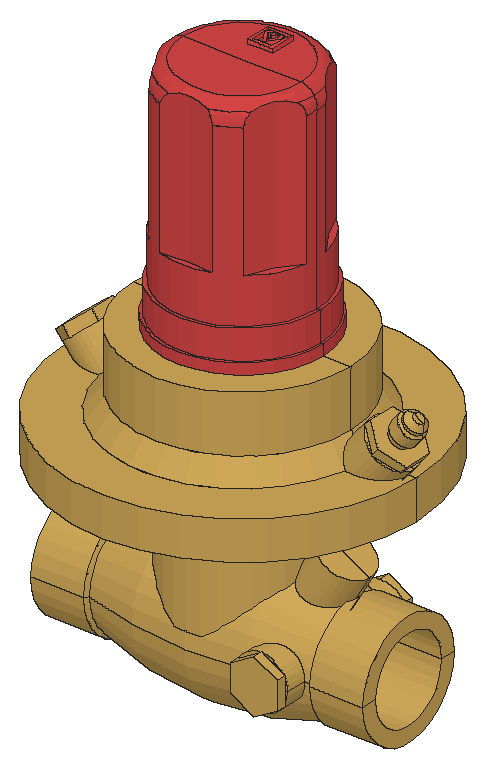
Revit family "Differenzdruckregler 4007", category Rohrzubehör, Revit 2019 (continued)
Definition of nested family "Handrad für Diff.Druckregler 4007"
  Definition of nested family "Herz-Logo"
    Forms (mm)
      Extrusion 1, solid
        sketch origin (0, 0, 0) x (1, 0, 0) y (0, 1, 0)
          loop
            arc (-0.679, 2.079) -> (-1.3, 2.416) -> (-1.921, 2.079) r 0.74
            arc (-1.921, 2.079) -> (-2.04, 1.675) -> (-1.921, 1.272) r 0.74
            line (-1.921, 1.272) -> (-0.018, -1.658) -> (1.885, 1.272)
        from 0 to 1.5
    Dimensions and locks
      aligned and locked: level to plane 2
Definition of nested family "Herz-Logo-vorne"
  Reference planes
    plane 1 "Mitte (Vorne/hinten)": y = 0
    plane 2: z = 0
    plane 3 "Mitte (Links/rechts)": x = 0
  Forms (mm)
    Extrusion 1, solid
      sketch origin (0.732, -0.018, 0.017) x (0, -1, 0) y (0, 0, 1)
        loop
          line (-0.018, -4.517) -> (4.482, -4.517) -> (4.482, 4.483) -> (-4.518, 4.483) -> (-4.518, -4.517) -> (-0.018, -4.517)
        loop
          line (-0.05, -3.48) -> (3.482, -3.48) -> (3.482, 3.483) -> (-3.518, 3.483) -> (-3.518, -3.48) -> (-0.05, -3.48)
        loop
          arc (-0.018, 2.383) -> (-1.543, 3.287) -> (-3.067, 2.383) r 1.738
          arc (-3.067, 2.383) -> (-3.191, 1.899) -> (-3.067, 1.415) r 1.009
          line (-3.067, 1.415) -> (-0.018, -3.281) -> (3.032, 1.415)
          arc (3.032, 1.415) -> (3.156, 1.899) -> (3.032, 2.383) r 1.009
          arc (3.032, 2.383) -> (1.507, 3.287) -> (-0.018, 2.383) r 1.738
        loop
          arc (1.885, 1.272) -> (2.005, 1.675) -> (1.885, 2.079) r 0.74
          arc (1.885, 2.079) -> (1.265, 2.416) -> (0.644, 2.079) r 0.74
          line (0.644, 2.079) -> (-0.018, 0.97) -> (-0.679, 2.079)
          arc (-0.679, 2.079) -> (-1.3, 2.416) -> (-1.921, 2.079) r 0.74
          arc (-1.921, 2.079) -> (-2.04, 1.675) -> (-1.921, 1.272) r 0.74
          line (-1.921, 1.272) -> (-0.018, -1.658) -> (1.885, 1.272)
      from 0 to 1.5
  Dimensions and locks
    aligned and locked: level to plane 2
